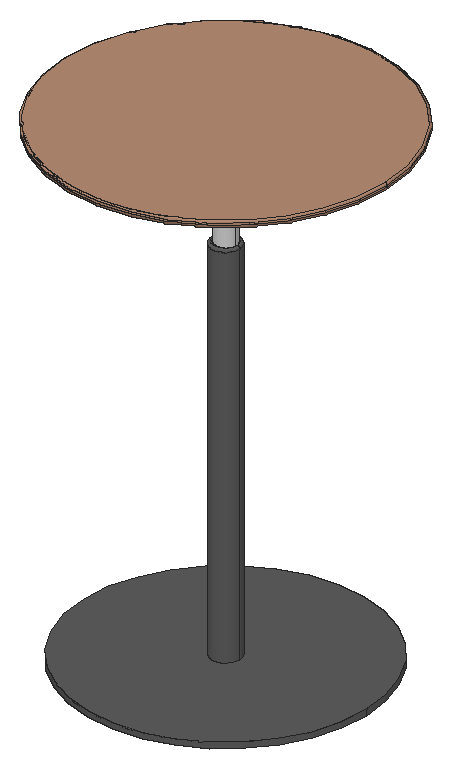
Revit family "FU_Table_Sandler_Nume 9-2", category Furniture, Revit 2020
Family settings
  OmniClass Number = 23.40.20.00
  OmniClass Title = General Furniture and Specialties
  Work Plane-Based = No
  Always vertical = Yes
  Cut with Voids When Loaded = No
  Shared = No
  Room Calculation Point = No
Parameters (values of type "Nume 9.2 Wood/Laminate Top")
  Width = Depth  # 400 mm
  URL = "https://www.sandlerseating.com/product/nume-9-2/"
  Top Type = Nume_Wood_Top : Nume Wood 400x19mm
  Top Finish = Wood - Oak - Walnut
  Requested Height = 600 mm
  Model = "Nume 9.2"
  Min Height = 530 mm  # constant formula
  Max Height = 750 mm  # constant formula
  Manufacturer = "Sandler"
  Height = if(Requested Height < Min Height, Min Height, if(Requested Height > Max Height, Max Height, Requested Height))  # 600 mm
  Description = "Height adjustable side table, with wood top and steel base."
  Depth = 400 mm  # constant formula
  Default Elevation = 0 mm
  Base Finish = Epoxy - M1_B00 - Black
Types (3, lengths in mm): name | Top Type | Top Finish | Base Finish
  (no name) | Nume_Wood_Top : Nume Wood 400x19mm | Wood - Oak - Walnut | Epoxy - M1_B00 - Black
  NUME 9.2 HPL/Fenix Top | Nume_HPL_Top : Nume HPL 400x12mm | HPL - Solid - Black | Epoxy - M1_Aluminum
  Nume 9.2 Wood/Laminate Top | Nume_Wood_Top : Nume Wood 400x19mm | Wood - Oak - Walnut | Epoxy - M1_B00 - Black
Reference planes
  plane 1 "Center (Front/Back)": y = 0
  plane 2: z = 0
  plane 3 "Center (Left/Right)": x = 0
  plane 4 "Right": x = -200
  plane 5 "Left": x = 200
  plane 6 "Back": y = 200
  plane 7 "Front": y = -200
  plane 8 "Height": z = 600
  plane 9 "Top Base": z = 588
  plane 10 "Base Top": z = 466
  plane 11 "Adjuster": z = 568
Forms (mm)
  Extrusion 1, solid, material "Epoxy - M1_B00 - Black" <- "Base Finish"
    sketch origin (0, 0, 0) x (1, 0, 0) y (0, 1, 0)
      loop
        circle (0, 0) r 175
    from 0 to 7
  Revolve 2, solid, material "Epoxy - M1_B00 - Black" <- "Base Finish"
    sketch origin (0, 0, -3.312) x (1, 0, 0) y (0, 0, 1)
      loop
        line (-20, 591.312) -> (-20, 554.671)
        arc (-20, 554.671) -> (-18.536, 551.135) -> (-15, 549.671) r 5
        line (-15, 549.671) -> (-12.742, 549.671) -> (-12.742, 591.312) -> (-20, 591.312)
      axis (0, 591.312) -> (0, 549.671)
    angle from 0 to 360
  Revolve 3, solid, material "Epoxy - M1_B00 - Black" <- "Base Finish"
    sketch origin (0, 0, 0) x (1, 0, 0) y (0, 0, 1)
      loop
        line (-12.5, 466) -> (-14.5, 466)
        arc (-14.5, 466) -> (-16.621, 465.121) -> (-17.5, 463) r 3
        line (-17.5, 463) -> (-17.5, 7) -> (-12.5, 7) -> (-12.5, 466)
      axis (0, 466) -> (0, 7)
    angle from 0 to 360
  Extrusion 4, solid, material "Epoxy - M1_B00 - Black" <- "Base Finish"
    sketch origin (0, 0, 588) x (-1, 0, 0) y (0, -1, 0)
      loop
        circle (0, 0) r 75
    from 0 to -4.04
  Extrusion 5, solid, material "Metal - Chrome - Polished"
    sketch origin (0, 0, 588) x (-1, 0, 0) y (0, -1, 0)
      loop
        circle (0, 0) r 12.5
    from 0 to -280
  Revolve 6, solid, material "Epoxy - M1_B00 - Black"
    sketch origin (0, 0, 568) x (0, -1, 0) y (1, 0, 0)
      loop
        line (-4.136, -98.179) -> (-5.698, -133.144) -> (-6.532, -148.218)
        arc (-6.532, -148.218) -> (-6.414, -155.594) -> (-5.992, -162.959) r 178.81
        arc (-5.992, -162.959) -> (-4.08, -166.896) -> (0, -168.48) r 5.987
        line (0, -168.48) -> (0, 0) -> (-4.136, 0) -> (-4.136, -98.179)
      axis (0, -168.48) -> (0, 0)
    angle from 0 to 360
Cuts and joins
  joined: Revolve 2, Extrusion 4
  joined: Extrusion 1, Revolve 3
Dimensions and locks
  equal spacing: plane 4 "Right", plane 3 "Center (Left/Right)", plane 5 "Left"
  "Width": plane 4 "Right" to plane 5 "Left"
  equal spacing: plane 6 "Back", plane 1 "Center (Front/Back)", plane 7 "Front"
  "Depth": plane 6 "Back" to plane 7 "Front"
  "Height": plane 8 "Height" to level
  plane 9 "Top Base" to level = 588 mm
  locked: plane 10 "Base Top" to level at 466
  locked: plane 8 "Height" to plane 9 "Top Base" at 12
  locked: plane 9 "Top Base" to plane 11 "Adjuster" at 20
  plane 9 "Top Base" to plane 11 "Adjuster" = 20 mm
  aligned and locked: level to plane 2
  aligned and locked: plane 10 "Base Top" to Revolve 3 sketch curve
Automatic sketch dimensions
  plane 1 "Center (Front/Back)" to Extrusion 1 sketch curve = 0 mm
  Extrusion 1 sketch curve to plane 3 "Center (Left/Right)" = 0 mm
  Revolve 2 sketch curve to plane 3 "Center (Left/Right)" = 0 mm
  Revolve 2 sketch curve to plane 3 "Center (Left/Right)" = 12.742 mm
  Revolve 2 sketch curve to Revolve 2 sketch curve = 2.258 mm
  plane 9 "Top Base" to Revolve 2 sketch curve = 0 mm
  Revolve 2 sketch curve to Revolve 2 sketch curve = 7.258 mm
  Revolve 2 sketch curve to plane 9 "Top Base" = 36.642 mm
  Revolve 2 sketch curve to Revolve 2 sketch curve = 0.212 mm
  plane 9 "Top Base" to Revolve 2 sketch curve = 4.273 mm
  Revolve 3 sketch curve to plane 3 "Center (Left/Right)" = 0 mm
  Revolve 3 sketch curve to plane 3 "Center (Left/Right)" = 12.5 mm
  Revolve 3 sketch curve to Revolve 3 sketch curve = 2 mm
  Revolve 3 sketch curve to Revolve 3 sketch curve = 5 mm
  Revolve 3 sketch curve to plane 10 "Base Top" = 28.542 mm
  plane 10 "Base Top" to Revolve 3 sketch curve = 5 mm
  plane 1 "Center (Front/Back)" to Extrusion 4 sketch curve = 0 mm
  Extrusion 4 sketch curve to plane 3 "Center (Left/Right)" = 0 mm
  plane 1 "Center (Front/Back)" to Extrusion 5 sketch curve = 0 mm
  Extrusion 5 sketch curve to plane 3 "Center (Left/Right)" = 0 mm
  level to Revolve 3 sketch curve = 7 mm
  Revolve 6 sketch curve to plane 3 "Center (Left/Right)" = 0 mm
  plane 1 "Center (Front/Back)" to Revolve 6 sketch curve = 0 mm  (x2)
  Revolve 6 sketch curve to plane 1 "Center (Front/Back)" = 0.023 mm
  Revolve 6 sketch curve to Revolve 6 sketch curve = 4.136 mm
  Revolve 6 sketch curve to plane 1 "Center (Front/Back)" = 5.698 mm
  Revolve 6 sketch curve to plane 1 "Center (Front/Back)" = 6.532 mm
  plane 7 "Front" to Revolve 6 sketch curve = 27.724 mm
  Revolve 6 sketch curve to plane 3 "Center (Left/Right)" = 98.179 mm
  Revolve 6 sketch curve to Revolve 6 sketch curve = 34.965 mm
  Revolve 6 sketch curve to Revolve 6 sketch curve = 15.074 mm
  Revolve 6 sketch curve to plane 4 "Right" = 50.95 mm
  Revolve 6 sketch curve to Revolve 6 sketch curve = 14.275 mm
  Revolve 6 sketch curve to Revolve 6 sketch curve = 5.987 mm
  Revolve 6 sketch curve to plane 4 "Right" = 15 mm
  plane 3 "Center (Left/Right)" to Revolve 6 sketch curve = 7.672 mm
  radius of Extrusion 1 sketch curve = 175 mm
  radius of Extrusion 4 sketch curve = 75 mm
  radius of Extrusion 5 sketch curve = 12.5 mm
Nested families
  nested 1: "Nume_Wood_Top" at (0, 0, 0), type <- "Top Type", Top Elevation <- "Height", Top Finish <- "Top Finish", type "Nume Wood 400x19mm"
    with Top Finish Wood - Oak - Walnut, Top Elevation 600 mm
Definition of nested family "Nume_Wood_Top"
  Parameters (values of type "Nume Wood 400x19mm")
    Width = 400 mm
    Top Elevation [instance] = 530 mm
    Top Finish [instance] = none
    Depth = 400 mm
    Default Elevation = 0 mm
  Reference planes
    plane 1 "Center (Front/Back)": y = 0
    plane 2: z = 0
    plane 3 "Center (Left/Right)": x = 0
    plane 4 "Right": x = -200
    plane 5 "Left": x = 200
    plane 6 "Back": y = 200
    plane 7 "Front": y = -200
    plane 8 "Elevation": z = 530
    plane 9 "Thickness": z = 511
  Forms (mm)
    Extrusion 1, solid, material <- "Top Finish"
      sketch origin (0, 0, 530) x (-1, 0, 0) y (0, -1, 0)
        loop
          circle (0, 0) r 140
      from 0 to -19
    Sweep 2, solid, material <- "Top Finish"
      path in 3D
        loop
          arc (140, 0, 530) -> (0, -140, 530) -> (-140, 0, 530) r 140
          arc (-140, 0, 530) -> (0, 140, 530) -> (140, 0, 530) r 140
      profile "Pro_IC_TT_Wood_Edge_19x60 : Pro_IC_TT_Wood_Edge_19x60" origin (0, 140, 530) x (0, 1, 0) y (0, 0, 1)
        loop
          line (0, 0) -> (0, -19) -> (23.523, -19)
          arc (23.523, -19) -> (40.704, -14.115) -> (57.496, -8.025) r 252.177
          arc (57.496, -8.025) -> (59.315, -6.554) -> (60, -4.316) r 4
          line (60, -4.316) -> (60, -2)
          arc (60, -2) -> (59.414, -0.586) -> (58, 0) r 2
          line (58, 0) -> (0, 0)
  Cuts and joins
    joined: Extrusion 1, Sweep 2
  Lines and regions (mm)
    sketch lines
      curve 1: arc (-140, 0, 530) -> (0, 140, 530) -> (140, 0, 530) r 140
      curve 2: arc (140, 0, 530) -> (0, -140, 530) -> (-140, 0, 530) r 140
  Dimensions and locks
    equal spacing: plane 4 "Right", plane 3 "Center (Left/Right)", plane 5 "Left"
    "Width": plane 4 "Right" to plane 5 "Left"
    equal spacing: plane 6 "Back", plane 1 "Center (Front/Back)", plane 7 "Front"
    "Depth": plane 6 "Back" to plane 7 "Front"
    "Top Elevation": plane 8 "Elevation" to level
    plane 9 "Thickness" to level = 511 mm
    locked: plane 8 "Elevation" to plane 9 "Thickness" at 19
    aligned and locked: level to plane 2
    aligned and locked: Extrusion 1 to plane 9 "Thickness"
    aligned and locked: plane 8 "Elevation" to Extrusion 1
  Automatic sketch dimensions
    plane 1 "Center (Front/Back)" to Extrusion 1 sketch curve = 0 mm
    Extrusion 1 sketch curve to plane 3 "Center (Left/Right)" = 0 mm
    radius of Extrusion 1 sketch curve = 140 mm
